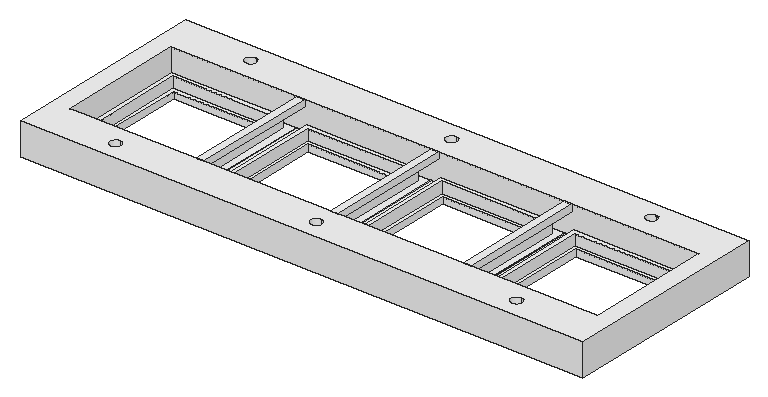
Revit family "Gira_021466", category Electrical Fixtures, host Face, Revit 2017
Family settings
  Host = Face
  Maintain Annotation Orientation = No
  Round Connector Dimension = Use Diameter
  Part Type = Normal
  Cut with Voids When Loaded = No
  Shared = No
  Room Calculation Point = No
Parameters (values of type "Cov.fr. 4-g Gira TX_44 (WP FM) p.white")
  With hinged lid = "No"
  URL = "http://katalog.gira.de/en/datenblatt.html?artikelnr=021466"
  Type of fastening = "Clamp mounting"
  Transparent = "No"
  Surface protection = "Other"
  Suitable for wall duct = "No"
  Suitable for flush-mounted installation = "Yes"
  Suitable for floor box = "No"
  Suitable for built-in installation = "No"
  RAL-number (akin) = "9010"
  Number of units vertical = "4"
  Number of units horizontal = "4"
  Number of units = "4"
  Name = "Cov.fr. 4-g Gira TX_44 (WP FM) p.white"
  Mounting direction = "Horizontal and vertical"
  Material quality = "Thermoplastic"
  Material = "Plastic"
  Manufacturer URL = "https://www.gira.de/"
  Manufacturer = "Gira"
  Label space/information surface = "No"
  Keynote = ""
  HeinzeBIM = "https://bimportal.heinze.de/bim/cov-fr-4-g-gira-tx-44-wp-fm-p-white/b960a5eed0aecc7bb95428d6814e38dc76abcc8c"
  Halogen free = "Yes"
  HAN = "021466"
  GTIN = "4010337214663"
  Description = "Cov.fr.4g TX_44 PW,Gira TX_44 cover frame,pure white,4-gang,Features:,- Shatter-proof.,,Notes :,- Frames are easy to install without tools; disassembly requires a Torx screwdriver T9 or T10.,- Wall plug mounting is possible.,- Centre inserts safeguarded against disassembly."
  Degree of protection (IP) = "IP44"
  Default Elevation = 1219.2 mm
  Data sheet (1) = "https://katalog.gira.de/en/download.html?artikelnr=021466"
  Colour = "White"
  Category = "Cover frame for domestic switching devices"
  BIM (1) = "https://media.stage.bim.site/public/gira/36a6b08/TX44_Rahmen_4fach.rfa"
  Available = "No"
Reference planes
  plane 1 "Center (Front/Back)": y = 0
  plane 2: z = 0
  plane 3 "Center (Left/Right)": x = 0
  plane 4: x = -69.25
  plane 5: x = -73.25
  plane 6: x = 150
Forms (mm)
  Extrusion 1, solid, material "White", detail levels fine
    sketch origin (-107.091, 0, 0) x (0, -1, 0) y (1, 0, 0)
      loop
        line (-54.959, 257.091) -> (-54.959, -42.909) -> (54.959, -42.909) -> (54.959, 257.091) -> (-54.959, 257.091)
      loop
        line (-33.5, -33.5) -> (33.5, -33.5) -> (33.5, 247.683) -> (-33.5, 247.683) -> (-33.5, -33.5)
      loop
        circle (-45, -0.006) r 3
      loop
        circle (44.992, 0.001) r 3
      loop
        circle (-45, 213.594) r 3
      loop
        circle (44.992, 213.601) r 3
      loop
        circle (-45, 106.944) r 3
      loop
        circle (44.992, 106.951) r 3
    from 0 to 16.9
  Extrusion 2, solid, material "White", detail levels fine
    sketch origin (-107.091, 0, 0) x (0, -1, 0) y (1, 0, 0)
      loop
        line (-25.5, 25.5) -> (-25.5, -25.5) -> (25.5, -25.5) -> (25.5, 25.5) -> (-25.5, 25.5)
      loop
        line (-33.5, 33.5) -> (-33.5, -33.5) -> (33.5, -33.5) -> (33.5, 33.5) -> (-33.5, 33.5)
    from -1.6 to 2
  Extrusion 3, solid, material "White", detail levels fine
    sketch origin (-107.091, 0, 0) x (0, -1, 0) y (1, 0, 0)
      loop
        line (-27.5, 27.5) -> (-27.5, -27.5) -> (27.5, -27.5) -> (27.5, 27.5) -> (-27.5, 27.5)
      loop
        line (-29.5, 29.5) -> (-29.5, -29.5) -> (29.5, -29.5) -> (29.5, 29.5) -> (-29.5, 29.5)
    from 2 to 7.8
  Extrusion 4, solid, material "White", detail levels coarse+medium
    sketch origin (-107.091, 0, 0) x (0, -1, 0) y (1, 0, 0)
      loop
        line (-54.959, 257.091) -> (-54.959, -42.909) -> (54.959, -42.909) -> (54.959, 257.091) -> (-54.959, 257.091)
    from -1.6 to 16.9
  Extrusion 5, solid, material "White", detail levels fine
    sketch origin (-35.409, 0, 0) x (0, -1, 0) y (1, 0, 0)
      loop
        line (-25.5, 25.5) -> (-25.5, -25.5) -> (25.5, -25.5) -> (25.5, 25.5) -> (-25.5, 25.5)
      loop
        line (-33.5, 33.5) -> (-33.5, -33.5) -> (33.5, -33.5) -> (33.5, 33.5) -> (-33.5, 33.5)
    from -1.6 to 2
  Extrusion 6, solid, material "White", detail levels fine
    sketch origin (-35.409, 0, 0) x (0, -1, 0) y (1, 0, 0)
      loop
        line (-27.5, 27.5) -> (-27.5, -27.5) -> (27.5, -27.5) -> (27.5, 27.5) -> (-27.5, 27.5)
      loop
        line (-29.5, 29.5) -> (-29.5, -29.5) -> (29.5, -29.5) -> (29.5, 29.5) -> (-29.5, 29.5)
    from 2 to 7.8
  Extrusion 7, solid, material "White", detail levels fine
    sketch origin (-107.091, 0, 0) x (0, -1, 0) y (1, 0, 0)
      loop
        line (-33.5, 38.183) -> (-33.5, 33.5) -> (33.5, 33.5) -> (33.5, 38.183) -> (-33.5, 38.183)
    from 0 to 2
  Extrusion 8, solid, material "White", detail levels fine
    sketch origin (-107.091, 0, 0) x (0, -1, 0) y (1, 0, 0)
      loop
        line (-33.5, 37.841) -> (-33.5, 33.841) -> (33.5, 33.841) -> (33.5, 37.841) -> (-33.5, 37.841)
    from 13.4 to 16.9
  Extrusion 9, solid, material "White", detail levels fine
    sketch origin (36.091, 0, 0) x (0, -1, 0) y (1, 0, 0)
      loop
        line (-25.5, 25.5) -> (-25.5, -25.5) -> (25.5, -25.5) -> (25.5, 25.5) -> (-25.5, 25.5)
      loop
        line (-33.5, 33.5) -> (-33.5, -33.5) -> (33.5, -33.5) -> (33.5, 33.5) -> (-33.5, 33.5)
    from -1.6 to 2
  Extrusion 10, solid, material "White", detail levels fine
    sketch origin (36.091, 0, 0) x (0, -1, 0) y (1, 0, 0)
      loop
        line (-27.5, 27.5) -> (-27.5, -27.5) -> (27.5, -27.5) -> (27.5, 27.5) -> (-27.5, 27.5)
      loop
        line (-29.5, 29.5) -> (-29.5, -29.5) -> (29.5, -29.5) -> (29.5, 29.5) -> (-29.5, 29.5)
    from 2 to 7.8
  Extrusion 11, solid, material "White", detail levels fine
    sketch origin (-35.591, 0, 0) x (0, -1, 0) y (1, 0, 0)
      loop
        line (-33.5, 38.183) -> (-33.5, 33.683) -> (33.5, 33.683) -> (33.5, 38.183) -> (-33.5, 38.183)
    from 0 to 2
  Extrusion 12, solid, material "White", detail levels fine
    sketch origin (-35.591, 0, 0) x (0, -1, 0) y (1, 0, 0)
      loop
        line (-33.5, 37.841) -> (-33.5, 33.841) -> (33.5, 33.841) -> (33.5, 37.841) -> (-33.5, 37.841)
    from 13.4 to 16.9
  Extrusion 13, solid, material "White", detail levels fine
    sketch origin (107.091, 0, 0) x (0, -1, 0) y (1, 0, 0)
      loop
        line (-25.5, 25.5) -> (-25.5, -25.5) -> (25.5, -25.5) -> (25.5, 25.5) -> (-25.5, 25.5)
      loop
        line (-33.5, 33.5) -> (-33.5, -33.5) -> (33.5, -33.5) -> (33.5, 33.5) -> (-33.5, 33.5)
    from -1.6 to 2
  Extrusion 14, solid, material "White", detail levels fine
    sketch origin (107.091, 0, 0) x (0, -1, 0) y (1, 0, 0)
      loop
        line (-27.5, 27.5) -> (-27.5, -27.5) -> (27.5, -27.5) -> (27.5, 27.5) -> (-27.5, 27.5)
      loop
        line (-29.5, 29.5) -> (-29.5, -29.5) -> (29.5, -29.5) -> (29.5, 29.5) -> (-29.5, 29.5)
    from 2 to 7.8
  Extrusion 15, solid, material "White", detail levels fine
    sketch origin (35.409, 0, 0) x (0, -1, 0) y (1, 0, 0)
      loop
        line (-33.5, 38.183) -> (-33.5, 33.841) -> (33.5, 33.841) -> (33.5, 38.183) -> (-33.5, 38.183)
    from 0 to 2
  Extrusion 16, solid, material "White", detail levels fine
    sketch origin (35.409, 0, 0) x (0, -1, 0) y (1, 0, 0)
      loop
        line (-33.5, 37.841) -> (-33.5, 33.841) -> (33.5, 33.841) -> (33.5, 37.841) -> (-33.5, 37.841)
    from 13.4 to 16.9
Dimensions and locks
  aligned and locked: plane 2 to host face
  aligned and locked: level to host face
